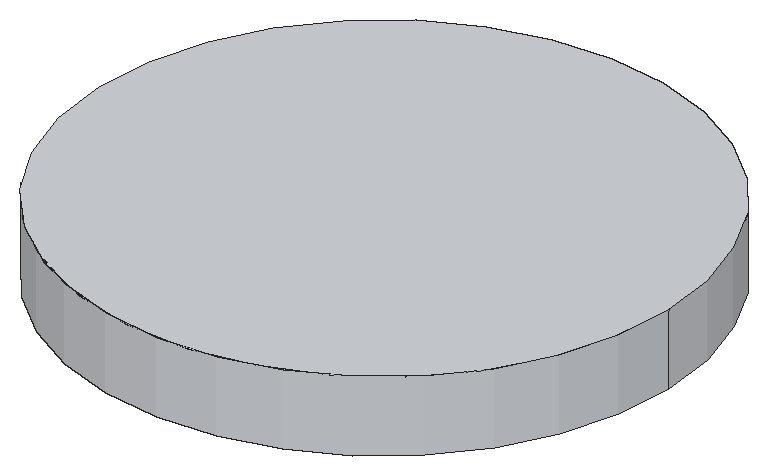
Revit family "61e09a63f3e34175913b9e09e595ff8e", category Fire Alarm Devices, host Face, Revit 2021
Family settings
  Host = Face
  Maintain Annotation Orientation = Yes
  Round Connector Dimension = Use Diameter
  Part Type = Normal
  OmniClass Number = 23.85.30.21.11.17
  OmniClass Title = Other Components
  Seek Item ID = Fire Alarm Speaker-0000-USA-ENU
  Cut with Voids When Loaded = No
  Shared = No
  Room Calculation Point = No
Parameters (values of type "Standard")
  Radius = Diameter * 0.5  # 0' - 6"
  Length = 0' - 1 1/2"
  Label = "S"
  Diameter = 1' - 0"
  Default Elevation = 4' - 0"
Reference planes (in)
  plane 1 "Center (Front/Back)": y = 0
  plane 2: z = 0
  plane 3 "Center (Left/Right)": x = 0
  plane 4: z = 1.5
Forms (in)
  Extrusion 1, solid
    sketch origin (0, 0, 0) x (1, 0, 0) y (0, 1, 0)
      loop
        circle (0, 0) r 6
    from 0 to 1.5
Lines and regions (in)
  symbolic lines, detail levels fine
    curve 1: arc (6, 0, 0) -> (0, 6, 0) -> (-6, 0, 0) r 6
    curve 2: arc (-6, 0, 0) -> (0, -6, 0) -> (6, 0, 0) r 6
Dimensions and locks (in)
  "Length": plane 4 to plane 2
  "Radius": radius of Extrusion 1 sketch curve
  aligned and locked: plane 2 to host face
  aligned and locked: level to host face
  aligned and locked: plane 1 "Center (Front/Back)" to Extrusion 1 sketch curve
  aligned and locked: plane 3 "Center (Left/Right)" to Extrusion 1 sketch curve
  aligned and locked: plane 4 to Extrusion 1
  aligned and locked: Extrusion 1 to plane 2
  aligned and locked: curve 1 to Extrusion 1
  aligned and locked: curve 2 to Extrusion 1
  aligned and locked: plane 1 "Center (Front/Back)" to nested 1
  aligned and locked: nested 1 to plane 3 "Center (Left/Right)"
Automatic sketch dimensions
  host sketch curve to host sketch curve = 8' - 0"  (x2)
Nested families (in)
  nested 1: "Fire Alarm Speaker Annotation" at (0, 0, 0), type "Fire Alarm Speaker Annotation", detail levels coarse+medium
Connectors (in)
  electrical at (0, 0, 0)
    settings: on Extrusion 1, index 1, voltage 0 V, apparent load 0 VA, apparent load phase1 0 VA, apparent load phase2 0 VA, apparent load phase3 0 VA, power factor 1, load classification "Other", number of poles 1, system type 11, power factor state 1, is connector primary yes, connector utility no, sub classification motor no, connector description ""
Definition of nested family "Fire Alarm Speaker Annotation"
  Parameters
    Label Annotation = "S"
  Reference planes (in)
    plane 1: y = 0
    plane 2: x = 0
  Lines and regions (in)
    reference lines
      curve 1: line (-0.38863, 0, 0) -> (0.82867, 0, 0)
    detail lines
      curve 2: circle (0, 0, 0) r 0.09375 normal (0, 0, 1)
  Text (in)
    label "S" at (-0.04165, -0.00726, 0), shows "Label Annotation"
  Dimensions and locks (in)
    locked: plane 1 to curve 1
    radius of curve 2 = 0' - 0 3/32"
    aligned and locked: curve 1 to curve 2
    aligned and locked: plane 2 to curve 2
